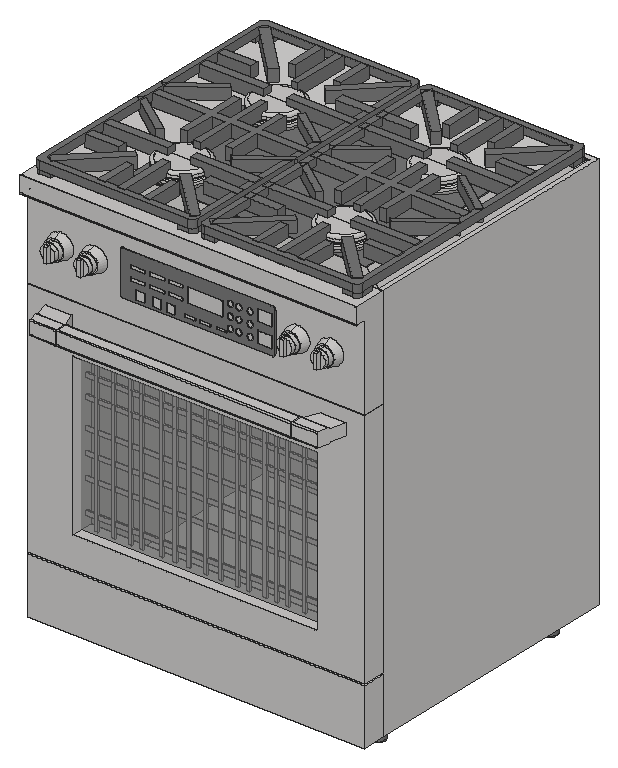
Revit family "HDPR30S_Revit", category Specialty Equipment, Revit 2014
Parameters (values of type "HDPR30S")
  Width = 29 7/8"
  VOLTS (V) = "240 V"
  Unit = Stainless Steel
  TYPE OF GRATE = "CONTINUOUS CAST IRON"
  TOTAL NUMBER OF COOKTOP BURNERS = "6 DUAL STACK BRASS BURNERS"
  TIME OF DAY (12 HR/24 HR) = "YES"
  TEMPERATURE PROBE = "YES"
  TEMPERATURE (F/C) = "YES"
  Support = Glass
  SOUND ON/OFF = "YES"
  SEALED BURNERS = "YES"
  SABBATH = "YES"
  RIGHT REAR (BTU) = "15,000 STACK DUAL (SIMMER)"
  RIGHT FRONT (BTU) = "15,000 STACK DUAL (SIMMER)"
  RACK POSITIONS = "6"
  PROOF = "YES"
  PERMA-FLAME™ (AUTO RE-IGNITION) = "YES"
  OVEN CAPACITY (CUBIC FEET) = "5.2 CU FT."
  NUMBER OF KNOBS = "6 KNOBS"
  Model = "HDPR30S"
  Manufacturer = "Dacor"
  LIGHTING = "LED & HALOGEN"
  LEFT REAR (BTU) = "15,000 STACK DUAL (SIMMER)"
  LEFT FRONT (BTU) = "18,000 DUAL (SIMMER/SEAR)"
  LED (WHITE) = "YES"
  KITCHEN TIMER = "YES 2"
  KEEP WARM = "YES"
  ILLUMINA™ BURNER KNOBS = "YES"
  Height = 37 1/2"
  Handle = Stainless Steel
  HIGHLIGHTING COLOR = "WHITE"
  Glide = Plastic-Black
  Gas Burner = Stainless Steel
  GAS TYPES = "NATURAL GAS NATURAL GAS (HIGH ALTITUDE) LIQUID PROPANE LIQUID PROPANE (HIGH ALTITUDE)"
  FREQUENCY (HZ) = "60 HZ"
  ENERGY SOURCE = "GAS AND ELECTRICAL"
  Door = Stainless Steel
  Description = "30-INCH PRO DUAL-FUEL RANGE HERITAGE COLLECTION"
  Depth = 24"
  DELAY START = "YES"
  DEHYDRATE = "YES"
  COOKING MODES = "PURE CONVECTION™ CONVECTION BAKE CONVECTION BROIL CONVECTION ROAST BAKE BROIL"
  CONVECTION ELEMENT = "2,200W - 2 PASS"
  CONTROL METHOD = "LED GLASS TOUCH CONT"
  CLOCK = "YES"
  CLEANING TYPE = "SELF CLEAN GREENCLEAN™"
  CIRCUIT BREAKER (A) = "40 AMP"
  CHILD LOCK = "YES"
  CAVITY = "BLACK ENAMEL COATING"
  Burner = Plastic-Black
  BROIL ELEMENT = "3,500W - 8 PASS"
  BAKE ELEMENT = "3,000W - 8 PASS"
  Adjustment = Stainless Steel
Reference planes (in)
  plane 1 "Center (Front/Back)": y = 0
  plane 2: z = 0
  plane 3 "Center (Left/Right)": x = 0
  plane 4: y = 12
  plane 5: y = -12
  plane 6: x = -14.9375
  plane 7: x = 14.9375
  plane 8: z = 37.5
  plane 9: y = -14
  plane 10: z = 2
  plane 11: y = -14.875
  plane 12: y = -16.5
  plane 13: z = 38.5625
  plane 14: z = 36
Forms (in)
  Extrusion 1, solid, material "Stainless Steel" <- "Unit"
    sketch origin (0, 0, 0) x (1, 0, 0) y (0, 0, 1)
      loop
        line (-14.9375, 37.5) -> (-14.9375, 2) -> (14.9375, 2) -> (14.9375, 37.5) -> (14.60652, 37.5) -> (14.60652, 2.38848) -> (-14.39348, 2.38848) -> (-14.39348, 37.5) -> (-14.9375, 37.5)
    from -12 to 12
  Extrusion 2, solid, material "Stainless Steel" <- "Door"
    sketch origin (0, 0, 0) x (0, 1, 0) y (0, 0, 1)
      loop
        line (-12, 37.5) -> (-14.84447, 37.5)
        arc (-14.84447, 37.5) -> (-14.86606, 37.49106) -> (-14.875, 37.46947) r 0.03053
        line (-14.875, 37.46947) -> (-14.875, 36.03125)
        arc (-14.875, 36.03125) -> (-14.86585, 36.00915) -> (-14.84375, 36) r 0.03125
        line (-14.84375, 36) -> (-14.03125, 36)
        arc (-14.03125, 36) -> (-14.00915, 35.99085) -> (-14, 35.96875) r 0.03125
        line (-14, 35.96875) -> (-14, 28.5) -> (-12, 28.5) -> (-12, 37.5)
      loop
        line (-14, 1.96852) -> (-12, 1.96852) -> (-12, 6.96852) -> (-14, 6.96852) -> (-14, 1.96852)
    from -14.9375 to 14.9375
  Extrusion 3, solid, material "Glass" <- "Support"
    sketch origin (0, -14, 0) x (1, 0, 0) y (0, 0, 1)
      loop
        line (-10.98004, 24.12749) -> (-10.98004, 9.87749) -> (10.76996, 9.87749) -> (10.76996, 24.12749) -> (-10.98004, 24.12749)
    from -2 to -0.8824
  Revolve 4, solid, material "Plastic-Black" <- "Glide"
    sketch origin (12.625, 0, 0) x (0, 1, 0) y (0, 0, 1)
      loop
        line (-10.25, 2) -> (-10.25, 0.75) -> (-10.14613, 0.64613) -> (-10.14613, 0.08461) -> (-10.09729, 0) -> (-9.53479, 0) -> (-9.53479, 2) -> (-10.25, 2)
      axis (-9.53479, 0) -> (-9.53479, 2)
    angle from 0 to 360
  Revolve 5, solid, material "Plastic-Black" <- "Glide"
    sketch origin (-12.625, 0, 0) x (0, 1, 0) y (0, 0, -1)
      loop
        line (-10.25, -2) -> (-9.53479, -2) -> (-9.53479, 0) -> (-10.09729, 0) -> (-10.14613, -0.08461) -> (-10.14613, -0.64613) -> (-10.25, -0.75) -> (-10.25, -2)
      axis (-9.53479, 0) -> (-9.53479, -2)
    angle from 0 to 360
  Revolve 6, solid, material "Plastic-Black" <- "Glide"
    sketch origin (12.625, 0, 0) x (0, -1, 0) y (0, 0, -1)
      loop
        line (-10.25, -2) -> (-9.53479, -2) -> (-9.53479, 0) -> (-10.09729, 0) -> (-10.14613, -0.08461) -> (-10.14613, -0.64613) -> (-10.25, -0.75) -> (-10.25, -2)
      axis (-9.53479, 0) -> (-9.53479, -2)
    angle from 0 to 360
  Revolve 7, solid, material "Plastic-Black" <- "Glide"
    sketch origin (-12.625, 0, 0) x (0, -1, 0) y (0, 0, 1)
      loop
        line (-10.25, 2) -> (-10.25, 0.75) -> (-10.14613, 0.64613) -> (-10.14613, 0.08461) -> (-10.09729, 0) -> (-9.53479, 0) -> (-9.53479, 2) -> (-10.25, 2)
      axis (-9.53479, 0) -> (-9.53479, 2)
    angle from 0 to 360
  Extrusion 8, solid, material "Stainless Steel" <- "Handle"
    sketch origin (-0.25, 0, 0) x (0, 1, 0) y (0, 0, 1)
      loop
        line (-15.545, 27.42187) -> (-16.42433, 27.42187)
        arc (-16.42433, 27.42187) -> (-16.47784, 27.39971) -> (-16.5, 27.34621) r 0.07567
        line (-16.5, 27.34621) -> (-16.5, 26.24876)
        arc (-16.5, 26.24876) -> (-16.47748, 26.1944) -> (-16.42311, 26.17187) r 0.07689
        line (-16.42311, 26.17187) -> (-15.53587, 26.17187)
        arc (-15.53587, 26.17187) -> (-15.50273, 26.17847) -> (-15.47463, 26.19724) r 0.08661
        line (-15.47463, 26.19724) -> (-15.42082, 26.25105)
        arc (-15.42082, 26.25105) -> (-15.40268, 26.26318) -> (-15.38128, 26.26743) r 0.05592
        line (-15.38128, 26.26743) -> (-14, 26.26743) -> (-14, 27.32305) -> (-15.37547, 27.32305)
        arc (-15.37547, 27.32305) -> (-15.39922, 27.32777) -> (-15.41935, 27.34123) r 0.06205
        line (-15.41935, 27.34123) -> (-15.46818, 27.39006)
        arc (-15.46818, 27.39006) -> (-15.50343, 27.41361) -> (-15.545, 27.42187) r 0.10864
    from 10.69711 to 13.56403
  Extrusion 9, void
    sketch origin (0, 0, 0) x (1, 0, 0) y (0, 1, 0)
      loop
        line (12.70099, -16.78043) -> (13.53053, -16.78043) -> (13.53053, -14.125) -> (13.31403, -14) -> (12.70099, -16.78043)
      loop
        line (10.24681, -15.86964) -> (11.05875, -13.95682) -> (10.24681, -13.95682) -> (10.24681, -15.86964)
    from 24.73393 to 28.5
  Extrusion 10, solid, material "Stainless Steel" <- "Handle"
    sketch origin (0.25, 0, 0) x (0, 1, 0) y (0, 0, -1)
      loop
        arc (-15.545, -27.42187) -> (-15.50343, -27.41361) -> (-15.46818, -27.39006) r 0.10864
        line (-15.46818, -27.39006) -> (-15.41935, -27.34123)
        arc (-15.41935, -27.34123) -> (-15.39922, -27.32777) -> (-15.37547, -27.32305) r 0.06205
        line (-15.37547, -27.32305) -> (-14, -27.32305) -> (-14, -26.26743) -> (-15.38128, -26.26743)
        arc (-15.38128, -26.26743) -> (-15.40268, -26.26318) -> (-15.42082, -26.25105) r 0.05592
        line (-15.42082, -26.25105) -> (-15.47463, -26.19724)
        arc (-15.47463, -26.19724) -> (-15.50273, -26.17847) -> (-15.53587, -26.17187) r 0.08661
        line (-15.53587, -26.17187) -> (-16.42311, -26.17187)
        arc (-16.42311, -26.17187) -> (-16.47748, -26.1944) -> (-16.5, -26.24876) r 0.07689
        line (-16.5, -26.24876) -> (-16.5, -27.34621)
        arc (-16.5, -27.34621) -> (-16.47784, -27.39971) -> (-16.42433, -27.42187) r 0.07567
        line (-16.42433, -27.42187) -> (-15.545, -27.42187)
    from 10.69711 to 13.56403
  Extrusion 11, void
    sketch origin (0, 0, 0) x (-1, 0, 0) y (0, -1, 0)
      loop
        line (12.70099, 16.78043) -> (13.31403, 14) -> (13.53053, 14.125) -> (13.53053, 16.78043) -> (12.70099, 16.78043)
      loop
        line (10.24681, 15.86964) -> (10.24681, 13.95682) -> (11.05875, 13.95682) -> (10.24681, 15.86964)
    from 24.73393 to 28.5
  Extrusion 12, solid, material "Stainless Steel" <- "Door"
    sketch origin (0, 0, 0) x (1, 0, 0) y (0, 0, 1)
      loop
        line (-14.9375, 28.42187) -> (-14.9375, 7.10914) -> (14.9375, 7.10914) -> (14.9375, 28.42187) -> (-14.9375, 28.42187)
      loop
        line (-10.98004, 24.12749) -> (-10.98004, 9.87749) -> (10.76996, 9.87749) -> (10.76996, 24.12749) -> (-10.98004, 24.12749)
    from 14 to 12
  Extrusion 13, solid, material "Stainless Steel" <- "Handle"
    sketch origin (0, 0, 0) x (0, 1, 0) y (0, 0, 1)
      loop
        line (-15.53529, 27.42185) -> (-16.4254, 27.42185)
        arc (-16.4254, 27.42185) -> (-16.47815, 27.4) -> (-16.5, 27.34725) r 0.0746
        line (-16.5, 27.34725) -> (-16.5, 26.24352)
        arc (-16.5, 26.24352) -> (-16.47902, 26.19288) -> (-16.42838, 26.1719) r 0.07162
        line (-16.42838, 26.1719) -> (-15.53032, 26.1719)
        arc (-15.53032, 26.1719) -> (-15.5023, 26.17747) -> (-15.47855, 26.19334) r 0.07322
        line (-15.47855, 26.19334) -> (-15.42044, 26.25144)
        arc (-15.42044, 26.25144) -> (-15.39975, 26.26442) -> (-15.37547, 26.26711) r 0.05475
        line (-15.37547, 26.26711) -> (-15.1067, 26.44563)
        arc (-15.1067, 26.44563) -> (-14.91091, 26.83314) -> (-15.14353, 27.19973) r 0.43946
        line (-15.14353, 27.19973) -> (-15.37548, 27.32305)
        arc (-15.37548, 27.32305) -> (-15.39899, 27.32755) -> (-15.41892, 27.3408) r 0.06061
        line (-15.41892, 27.3408) -> (-15.47504, 27.3969)
        arc (-15.47504, 27.3969) -> (-15.50268, 27.41536) -> (-15.53529, 27.42185) r 0.08522
    from -10.44711 to 10.44711
  Revolve 14, solid, material "Stainless Steel" <- "Adjustment"
    sketch origin (12, 0, -0.625) x (0, 1, 0) y (0, 0, 1)
      loop
        line (-14, 34.20096) -> (-14.75, 34) -> (-14.75, 33.86263) -> (-15.13851, 33.86263) -> (-15.13851, 33.79538) -> (-15.47236, 33.79538) -> (-15.47236, 33.12798) -> (-14, 33.12798) -> (-14, 34.20096)
      axis (-15.47236, 33.12798) -> (-14, 33.12798)
    angle from 0 to 360
  Extrusion 15, solid, material "Stainless Steel" <- "Adjustment"
    sketch origin (0, 0, -0.625) x (1, 0, 0) y (0, 0, 1)
      loop
        line (11.85979, 33.78048) -> (11.85979, 32.48023) -> (12.16074, 32.48023) -> (12.16074, 33.78048) -> (11.85979, 33.78048)
    from 15.76036 to 15.47236
  Revolve 16, solid, material "Stainless Steel" <- "Adjustment"
    sketch origin (9, 0, -0.625) x (0, 1, 0) y (0, 0, 1)
      loop
        line (-14, 34.20096) -> (-14.75, 34) -> (-14.75, 33.86263) -> (-15.13851, 33.86263) -> (-15.13851, 33.79538) -> (-15.47236, 33.79538) -> (-15.47236, 33.12798) -> (-14, 33.12798) -> (-14, 34.20096)
      axis (-15.47236, 33.12798) -> (-14, 33.12798)
    angle from 0 to 360
  Extrusion 17, solid, material "Stainless Steel" <- "Adjustment"
    sketch origin (-3, 0, -0.625) x (1, 0, 0) y (0, 0, 1)
      loop
        line (11.85979, 33.78048) -> (11.85979, 32.48023) -> (12.16074, 32.48023) -> (12.16074, 33.78048) -> (11.85979, 33.78048)
    from 15.76036 to 15.47236
  Revolve 18, solid, material "Stainless Steel" <- "Adjustment"
    sketch origin (-12, 0, -0.625) x (0, 1, 0) y (0, 0, -1)
      loop
        line (-14, -34.20096) -> (-14, -33.12798) -> (-15.47236, -33.12798) -> (-15.47236, -33.79538) -> (-15.13851, -33.79538) -> (-15.13851, -33.86263) -> (-14.75, -33.86263) -> (-14.75, -34) -> (-14, -34.20096)
      axis (-15.47236, -33.12798) -> (-14, -33.12798)
    angle from 0 to 360
  Extrusion 19, solid, material "Stainless Steel" <- "Adjustment"
    sketch origin (0, 0, -0.625) x (-1, 0, 0) y (0, 0, -1)
      loop
        line (11.85979, -33.78048) -> (12.16074, -33.78048) -> (12.16074, -32.48023) -> (11.85979, -32.48023) -> (11.85979, -33.78048)
    from 15.76036 to 15.47236
  Revolve 20, solid, material "Stainless Steel" <- "Adjustment"
    sketch origin (-9, 0, -0.625) x (0, 1, 0) y (0, 0, -1)
      loop
        line (-14, -34.20096) -> (-14, -33.12798) -> (-15.47236, -33.12798) -> (-15.47236, -33.79538) -> (-15.13851, -33.79538) -> (-15.13851, -33.86263) -> (-14.75, -33.86263) -> (-14.75, -34) -> (-14, -34.20096)
      axis (-15.47236, -33.12798) -> (-14, -33.12798)
    angle from 0 to 360
  Extrusion 21, solid, material "Stainless Steel" <- "Adjustment"
    sketch origin (3, 0, -0.625) x (-1, 0, 0) y (0, 0, -1)
      loop
        line (11.85979, -33.78048) -> (12.16074, -33.78048) -> (12.16074, -32.48023) -> (11.85979, -32.48023) -> (11.85979, -33.78048)
    from 15.76036 to 15.47236
  Extrusion 22, solid, material "Plastic-Black" <- "Glide"
    sketch origin (0, 0, 0) x (1, 0, 0) y (0, 0, 1)
      loop
        arc (-6.4676, 34.31656) -> (-6.64437, 34.24334) -> (-6.7176, 34.06656) r 0.25
        line (-6.7176, 34.06656) -> (-6.7176, 30.56656)
        arc (-6.7176, 30.56656) -> (-6.64437, 30.38979) -> (-6.4676, 30.31656) r 0.25
        line (-6.4676, 30.31656) -> (6.7824, 30.31656)
        arc (6.7824, 30.31656) -> (6.95918, 30.38979) -> (7.0324, 30.56656) r 0.25
        line (7.0324, 30.56656) -> (7.0324, 34.06656)
        arc (7.0324, 34.06656) -> (6.95918, 34.24334) -> (6.7824, 34.31656) r 0.25
        line (6.7824, 34.31656) -> (-6.4676, 34.31656)
      loop
        line (-5.76654, 33.17635) -> (-5.76654, 32.92635) -> (-4.51654, 32.92635) -> (-4.51654, 33.17635) -> (-5.76654, 33.17635)
      loop
        line (-4.10402, 33.17635) -> (-4.10402, 32.92635) -> (-2.81094, 32.92635) -> (-2.81094, 33.17635) -> (-4.10402, 33.17635)
      loop
        line (-2.44427, 33.17635) -> (-2.44427, 32.92635) -> (-1.21277, 32.92635) -> (-1.21277, 33.17635) -> (-2.44427, 33.17635)
      loop
        line (-5.76654, 32.17635) -> (-5.76654, 31.92635) -> (-4.51654, 31.92635) -> (-4.51654, 32.17635) -> (-5.76654, 32.17635)
      loop
        line (-4.10402, 32.17635) -> (-4.10402, 31.92635) -> (-2.81094, 31.92635) -> (-2.81094, 32.17635) -> (-4.10402, 32.17635)
      loop
        line (-2.44427, 32.17635) -> (-2.44427, 31.92635) -> (-1.21277, 31.92635) -> (-1.21277, 32.17635) -> (-2.44427, 32.17635)
      loop
        line (-5.36631, 31.29832) -> (-5.36631, 30.55942) -> (-4.51654, 30.55942) -> (-4.51654, 31.29832) -> (-5.36631, 31.29832)
      loop
        line (-3.86604, 31.29832) -> (-3.86604, 30.55942) -> (-3.09635, 30.55942) -> (-3.09635, 31.29832) -> (-3.86604, 31.29832)
      loop
        line (-2.60375, 31.29832) -> (-2.60375, 30.55942) -> (-1.89564, 30.55942) -> (-1.89564, 31.29832) -> (-2.60375, 31.29832)
      loop
        line (-1.02527, 30.92348) -> (-1.02527, 30.73608) -> (0, 30.73608) -> (0, 30.92348) -> (-1.02527, 30.92348)
      loop
        line (0.32502, 30.92348) -> (0.32502, 30.73608) -> (1.31557, 30.73608) -> (1.31557, 30.92348) -> (0.32502, 30.92348)
      loop
        line (1.85101, 30.92348) -> (1.85101, 30.73608) -> (2.73448, 30.73608) -> (2.73448, 30.92348) -> (1.85101, 30.92348)
      loop
        circle (3.05574, 33.17635) r 0.25
      loop
        circle (3.05574, 32.17635) r 0.25
      loop
        circle (3.05574, 31.17348) r 0.25
      loop
        circle (3.80574, 33.17635) r 0.25
      loop
        circle (3.80574, 32.17635) r 0.25
      loop
        circle (3.80574, 31.17348) r 0.25
      loop
        circle (4.80574, 33.17635) r 0.25
      loop
        circle (4.80574, 32.17635) r 0.25
      loop
        circle (4.80574, 31.17348) r 0.25
      loop
        line (5.51874, 33.6542) -> (5.51874, 32.6542) -> (6.76874, 32.6542) -> (6.76874, 33.6542) -> (5.51874, 33.6542)
      loop
        line (5.51874, 31.92635) -> (5.51874, 30.92348) -> (6.76874, 30.92348) -> (6.76874, 31.92635) -> (5.51874, 31.92635)
      loop
        line (-0.70418, 33.17635) -> (-0.70418, 31.92635) -> (2.37419, 31.92635) -> (2.37419, 33.17635) -> (-0.70418, 33.17635)
    from 14.02195 to 14
  Extrusion 23, solid, material "Stainless Steel" <- "Unit"
    sketch origin (0, -14, 0) x (-1, 0, 0) y (0, 0, 1)
      loop
        line (5.76654, 33.17635) -> (4.51654, 33.17635) -> (4.51654, 32.92635) -> (5.76654, 32.92635) -> (5.76654, 33.17635)
      loop
        line (4.10402, 33.17635) -> (2.81094, 33.17635) -> (2.81094, 32.92635) -> (4.10402, 32.92635) -> (4.10402, 33.17635)
      loop
        line (2.44427, 33.17635) -> (1.21277, 33.17635) -> (1.21277, 32.92635) -> (2.44427, 32.92635) -> (2.44427, 33.17635)
      loop
        line (5.76654, 32.17635) -> (4.51654, 32.17635) -> (4.51654, 31.92635) -> (5.76654, 31.92635) -> (5.76654, 32.17635)
      loop
        line (4.10402, 32.17635) -> (2.81094, 32.17635) -> (2.81094, 31.92635) -> (4.10402, 31.92635) -> (4.10402, 32.17635)
      loop
        line (2.44427, 32.17635) -> (1.21277, 32.17635) -> (1.21277, 31.92635) -> (2.44427, 31.92635) -> (2.44427, 32.17635)
      loop
        line (0.70418, 33.17635) -> (-2.37419, 33.17635) -> (-2.37419, 31.92635) -> (0.70418, 31.92635) -> (0.70418, 33.17635)
      loop
        line (5.36631, 31.29832) -> (4.51654, 31.29832) -> (4.51654, 30.55942) -> (5.36631, 30.55942) -> (5.36631, 31.29832)
      loop
        line (3.09635, 31.29832) -> (3.09635, 30.55942) -> (3.86604, 30.55942) -> (3.86604, 31.29832) -> (3.09635, 31.29832)
      loop
        line (2.60375, 31.29832) -> (1.89564, 31.29832) -> (1.89564, 30.55942) -> (2.60375, 30.55942) -> (2.60375, 31.29832)
      loop
        line (1.02527, 30.92348) -> (0, 30.92348) -> (0, 30.73608) -> (1.02527, 30.73608) -> (1.02527, 30.92348)
      loop
        line (-0.32502, 30.92348) -> (-1.31557, 30.92348) -> (-1.31557, 30.73608) -> (-0.32502, 30.73608) -> (-0.32502, 30.92348)
      loop
        line (-1.85101, 30.92348) -> (-2.73448, 30.92348) -> (-2.73448, 30.73608) -> (-1.85101, 30.73608) -> (-1.85101, 30.92348)
      loop
        circle (-3.05574, 31.17348) r 0.25
      loop
        circle (-3.05574, 32.17635) r 0.25
      loop
        circle (-3.05574, 33.17635) r 0.25
      loop
        circle (-3.80574, 33.17635) r 0.25
      loop
        circle (-4.80574, 33.17635) r 0.25
      loop
        circle (-3.80574, 32.17635) r 0.25
      loop
        circle (-4.80574, 32.17635) r 0.25
      loop
        circle (-3.80574, 31.17348) r 0.25
      loop
        circle (-4.80574, 31.17348) r 0.25
      loop
        line (-5.51874, 33.6542) -> (-6.76874, 33.6542) -> (-6.76874, 32.6542) -> (-5.51874, 32.6542) -> (-5.51874, 33.6542)
      loop
        line (-5.51874, 31.92635) -> (-6.76874, 31.92635) -> (-6.76874, 30.92348) -> (-5.51874, 30.92348) -> (-5.51874, 31.92635)
    from 0 to -0.02195
  Extrusion 24, solid, material "Stainless Steel" <- "Unit"
    sketch origin (0, 12, 0) x (-1, 0, 0) y (0, 0, 1)
      loop
        line (14.39348, 2.38848) -> (14.39348, 37.5) -> (-14.60652, 37.5) -> (-14.60652, 2.38848) -> (14.39348, 2.38848)
    from 0 to -0.60405
  Blend 25, solid, material "Stainless Steel" <- "Unit"
    base sketch origin (-14.9375, 0, 37.5) x (1, 0, 0) y (0, 1, 0)
      loop
        line (0.54402, -12) -> (29.54402, -12) -> (29.54402, 11.39595) -> (0.54402, 11.39595) -> (0.54402, -12)
    top sketch origin (-14.9375, 0, 37.5) x (1, 0, 0) y (0, 1, 0)
      loop
        line (3.59462, 7.80878) -> (3.59462, -9.19122) -> (26.59462, -9.19122) -> (26.59462, 7.80878) -> (3.59462, 7.80878)
    from 0 to -1.15037
  Blend 26, void
    base sketch origin (-14.9375, 0, 0) x (1, 0, 0) y (0, 1, 0)
      loop
        line (0.54402, -12) -> (29.54402, -12) -> (29.54402, 11.39595) -> (0.54402, 11.39595) -> (0.54402, -12)
    top sketch origin (-14.9375, 0, 0) x (1, 0, 0) y (0, 1, 0)
      loop
        line (4.59462, 7.06965) -> (4.59462, -8.45209) -> (25.59462, -8.45209) -> (25.59462, 7.06965) -> (4.59462, 7.06965)
    from 37.5 to 36.34963
  Extrusion 27, solid, material "Plastic-Black" <- "Burner"
    sketch origin (-14.9375, 0, 36.34963) x (0, 1, 0) y (1, 0, 0)
      loop
        line (7.06965, 25.59462) -> (-8.45209, 25.59462) -> (-8.45209, 4.59462) -> (7.06965, 4.59462) -> (7.06965, 25.59462)
    from 0 to 0.58019
  Revolve 28, solid, material "Stainless Steel" <- "Gas Burner"
    sketch origin (-0.875, -6.625, 0) x (1, 0, 0) y (0, 0, 1)
      loop
        line (-6.25, 35.76944) -> (-6.25, 38.03125) -> (-8.25, 38.03125)
        arc (-8.25, 38.03125) -> (-8.42678, 37.95803) -> (-8.5, 37.78125) r 0.25
        line (-8.5, 37.78125) -> (-8.5, 37.53125) -> (-8.37023, 37.40148)
        arc (-8.37023, 37.40148) -> (-8.35076, 37.35447) -> (-8.37023, 37.30747) r 0.06647
        line (-8.37023, 37.30747) -> (-8.5, 37.1777) -> (-8.5, 36.94183)
        arc (-8.5, 36.94183) -> (-8.44834, 36.78964) -> (-8.3147, 36.70035) r 0.25
        line (-8.3147, 36.70035) -> (-7.77556, 36.55589) -> (-7.3215, 35.76944) -> (-6.25, 35.76944)
      axis (-6.25, 35.76944) -> (-6.25, 38.03125)
    angle from 0 to 360
  Extrusion 29, solid, material "Plastic-Black" <- "Burner"
    sketch origin (0, 0, 0) x (1, 0, 0) y (0, 1, 0)
      loop
        arc (-13.89348, 11.39595) -> (-14.24703, 11.2495) -> (-14.39348, 10.89595) r 0.5
        line (-14.39348, 10.89595) -> (-14.39348, -13.5)
        arc (-14.39348, -13.5) -> (-14.24703, -13.85355) -> (-13.89348, -14) r 0.5
        line (-13.89348, -14) -> (-0.75, -14)
        arc (-0.75, -14) -> (-0.39645, -13.85355) -> (-0.25, -13.5) r 0.5
        line (-0.25, -13.5) -> (-0.25, 10.89595)
        arc (-0.25, 10.89595) -> (-0.39645, 11.2495) -> (-0.75, 11.39595) r 0.5
        line (-0.75, 11.39595) -> (-13.89348, 11.39595)
      loop
        arc (-13.37384, 10.84094) -> (-13.72739, 10.69449) -> (-13.87384, 10.34094) r 0.5
        line (-13.87384, 10.34094) -> (-13.87384, -12.90906)
        arc (-13.87384, -12.90906) -> (-13.72739, -13.26262) -> (-13.37384, -13.40906) r 0.5
        line (-13.37384, -13.40906) -> (-1.24884, -13.40906)
        arc (-1.24884, -13.40906) -> (-0.89528, -13.26262) -> (-0.74884, -12.90906) r 0.5
        line (-0.74884, -12.90906) -> (-0.74884, 10.34094)
        arc (-0.74884, 10.34094) -> (-0.89528, 10.69449) -> (-1.24884, 10.84094) r 0.5
        line (-1.24884, 10.84094) -> (-13.37384, 10.84094)
      loop
        line (13.89348, 11.39595) -> (0.75, 11.39595)
        arc (0.75, 11.39595) -> (0.39645, 11.2495) -> (0.25, 10.89595) r 0.5
        line (0.25, 10.89595) -> (0.25, -13.5)
        arc (0.25, -13.5) -> (0.39645, -13.85355) -> (0.75, -14) r 0.5
        line (0.75, -14) -> (13.89348, -14)
        arc (13.89348, -14) -> (14.24703, -13.85355) -> (14.39348, -13.5) r 0.5
        line (14.39348, -13.5) -> (14.39348, 10.89595)
        arc (14.39348, 10.89595) -> (14.24703, 11.2495) -> (13.89348, 11.39595) r 0.5
      loop
        line (13.37384, 10.84094) -> (1.24884, 10.84094)
        arc (1.24884, 10.84094) -> (0.89528, 10.69449) -> (0.74884, 10.34094) r 0.5
        line (0.74884, 10.34094) -> (0.74884, -12.90906)
        arc (0.74884, -12.90906) -> (0.89528, -13.26262) -> (1.24884, -13.40906) r 0.5
        line (1.24884, -13.40906) -> (13.37384, -13.40906)
        arc (13.37384, -13.40906) -> (13.72739, -13.26262) -> (13.87384, -12.90906) r 0.5
        line (13.87384, -12.90906) -> (13.87384, 10.34094)
        arc (13.87384, 10.34094) -> (13.72739, 10.69449) -> (13.37384, 10.84094) r 0.5
    from 38.5625 to 37.89555
  Revolve 30, solid, material "Stainless Steel" <- "Gas Burner"
    sketch origin (-0.875, 3.875, 0) x (1, 0, 0) y (0, 0, -1)
      loop
        line (-6.25, -35.76944) -> (-7.3215, -35.76944) -> (-7.77556, -36.55589) -> (-8.3147, -36.70035)
        arc (-8.3147, -36.70035) -> (-8.44834, -36.78964) -> (-8.5, -36.94183) r 0.25
        line (-8.5, -36.94183) -> (-8.5, -37.1777) -> (-8.37023, -37.30747)
        arc (-8.37023, -37.30747) -> (-8.35076, -37.35447) -> (-8.37023, -37.40148) r 0.06647
        line (-8.37023, -37.40148) -> (-8.5, -37.53125) -> (-8.5, -37.78125)
        arc (-8.5, -37.78125) -> (-8.42678, -37.95803) -> (-8.25, -38.03125) r 0.25
        line (-8.25, -38.03125) -> (-6.25, -38.03125) -> (-6.25, -35.76944)
      axis (-6.25, -35.76944) -> (-6.25, -38.03125)
    angle from 0 to 360
  Revolve 31, solid, material "Stainless Steel" <- "Gas Burner"
    sketch origin (1, -6.625, 0) x (-1, 0, 0) y (0, 0, -1)
      loop
        line (-6.25, -35.76944) -> (-7.3215, -35.76944) -> (-7.77556, -36.55589) -> (-8.3147, -36.70035)
        arc (-8.3147, -36.70035) -> (-8.44834, -36.78964) -> (-8.5, -36.94183) r 0.25
        line (-8.5, -36.94183) -> (-8.5, -37.1777) -> (-8.37023, -37.30747)
        arc (-8.37023, -37.30747) -> (-8.35076, -37.35447) -> (-8.37023, -37.40148) r 0.06647
        line (-8.37023, -37.40148) -> (-8.5, -37.53125) -> (-8.5, -37.78125)
        arc (-8.5, -37.78125) -> (-8.42678, -37.95803) -> (-8.25, -38.03125) r 0.25
        line (-8.25, -38.03125) -> (-6.25, -38.03125) -> (-6.25, -35.76944)
      axis (-6.25, -35.76944) -> (-6.25, -38.03125)
    angle from 0 to 360
  Revolve 32, solid, material "Stainless Steel" <- "Gas Burner"
    sketch origin (1, 3.875, 0) x (-1, 0, 0) y (0, 0, 1)
      loop
        line (-6.25, 35.76944) -> (-6.25, 38.03125) -> (-8.25, 38.03125)
        arc (-8.25, 38.03125) -> (-8.42678, 37.95803) -> (-8.5, 37.78125) r 0.25
        line (-8.5, 37.78125) -> (-8.5, 37.53125) -> (-8.37023, 37.40148)
        arc (-8.37023, 37.40148) -> (-8.35076, 37.35447) -> (-8.37023, 37.30747) r 0.06647
        line (-8.37023, 37.30747) -> (-8.5, 37.1777) -> (-8.5, 36.94183)
        arc (-8.5, 36.94183) -> (-8.44834, 36.78964) -> (-8.3147, 36.70035) r 0.25
        line (-8.3147, 36.70035) -> (-7.77556, 36.55589) -> (-7.3215, 35.76944) -> (-6.25, 35.76944)
      axis (-6.25, 35.76944) -> (-6.25, 38.03125)
    angle from 0 to 360
  Extrusion 33, solid, material "Plastic-Black" <- "Burner"
    sketch origin (0, 0, 0) x (1, 0, 0) y (0, 1, 0)
      loop
        arc (-13.89348, 11.39595) -> (-14.24703, 11.2495) -> (-14.39348, 10.89595) r 0.5
        line (-14.39348, 10.89595) -> (-14.39348, 9.92792) -> (-13.87384, 9.92792) -> (-13.87384, 10.34094)
        arc (-13.87384, 10.34094) -> (-13.72739, 10.69449) -> (-13.37384, 10.84094) r 0.5
        line (-13.37384, 10.84094) -> (-12.98692, 10.84094) -> (-12.98692, 11.39595) -> (-13.89348, 11.39595)
      loop
        line (-13.89348, -13.95845) -> (-12.98692, -13.95845) -> (-12.98692, -13.40344) -> (-13.37384, -13.40344)
        arc (-13.37384, -13.40344) -> (-13.72739, -13.25699) -> (-13.87384, -12.90344) r 0.5
        line (-13.87384, -12.90344) -> (-13.87384, -12.49042) -> (-14.39348, -12.49042) -> (-14.39348, -13.45845)
        arc (-14.39348, -13.45845) -> (-14.24703, -13.812) -> (-13.89348, -13.95845) r 0.5
      loop
        line (-0.72919, 11.39595) -> (-1.63575, 11.39595) -> (-1.63575, 10.84094) -> (-1.24884, 10.84094)
        arc (-1.24884, 10.84094) -> (-0.89528, 10.69449) -> (-0.74884, 10.34094) r 0.5
        line (-0.74884, 10.34094) -> (-0.74884, 9.92792) -> (-0.22919, 9.92792) -> (-0.22919, 10.89595)
        arc (-0.22919, 10.89595) -> (-0.37564, 11.2495) -> (-0.72919, 11.39595) r 0.5
      loop
        arc (-0.72919, -13.95845) -> (-0.37564, -13.812) -> (-0.22919, -13.45845) r 0.5
        line (-0.22919, -13.45845) -> (-0.22919, -12.49042) -> (-0.74884, -12.49042) -> (-0.74884, -12.90344)
        arc (-0.74884, -12.90344) -> (-0.89528, -13.25699) -> (-1.24884, -13.40344) r 0.5
        line (-1.24884, -13.40344) -> (-1.63575, -13.40344) -> (-1.63575, -13.95845) -> (-0.72919, -13.95845)
      loop
        line (13.89348, 11.39595) -> (12.98692, 11.39595) -> (12.98692, 10.84094) -> (13.37384, 10.84094)
        arc (13.37384, 10.84094) -> (13.72739, 10.69449) -> (13.87384, 10.34094) r 0.5
        line (13.87384, 10.34094) -> (13.87384, 9.92792) -> (14.39348, 9.92792) -> (14.39348, 10.89595)
        arc (14.39348, 10.89595) -> (14.24703, 11.2495) -> (13.89348, 11.39595) r 0.5
      loop
        arc (13.89348, -13.95845) -> (14.24703, -13.812) -> (14.39348, -13.45845) r 0.5
        line (14.39348, -13.45845) -> (14.39348, -12.49042) -> (13.87384, -12.49042) -> (13.87384, -12.90344)
        arc (13.87384, -12.90344) -> (13.72739, -13.25699) -> (13.37384, -13.40344) r 0.5
        line (13.37384, -13.40344) -> (12.98692, -13.40344) -> (12.98692, -13.95845) -> (13.89348, -13.95845)
      loop
        arc (0.72919, 11.39595) -> (0.37564, 11.2495) -> (0.22919, 10.89595) r 0.5
        line (0.22919, 10.89595) -> (0.22919, 9.92792) -> (0.74884, 9.92792) -> (0.74884, 10.34094)
        arc (0.74884, 10.34094) -> (0.89528, 10.69449) -> (1.24884, 10.84094) r 0.5
        line (1.24884, 10.84094) -> (1.63575, 10.84094) -> (1.63575, 11.39595) -> (0.72919, 11.39595)
      loop
        line (0.72919, -13.95845) -> (1.63575, -13.95845) -> (1.63575, -13.40344) -> (1.24884, -13.40344)
        arc (1.24884, -13.40344) -> (0.89528, -13.25699) -> (0.74884, -12.90344) r 0.5
        line (0.74884, -12.90344) -> (0.74884, -12.49042) -> (0.22919, -12.49042) -> (0.22919, -13.45845)
        arc (0.22919, -13.45845) -> (0.37564, -13.812) -> (0.72919, -13.95845) r 0.5
    from 37.89555 to 37.5
  Extrusion 34, solid, material "Plastic-Black" <- "Burner"
    sketch origin (0, 0, 0) x (1, 0, 0) y (0, 1, 0)
      loop
        line (-9.13813, 10.84094) -> (-9.13813, 7.69465) -> (-8.54549, 7.69465) -> (-8.54549, 10.84094) -> (-9.13813, 10.84094)
      loop
        line (-7.38813, 10.84094) -> (-7.38813, 5.81965) -> (-6.79549, 5.81965) -> (-6.79549, 10.84094) -> (-7.38813, 10.84094)
      loop
        line (-5.13813, 10.84094) -> (-5.13813, 7.69465) -> (-4.54549, 7.69465) -> (-4.54549, 10.84094) -> (-5.13813, 10.84094)
      loop
        line (-13.34351, 10.8106) -> (-13.87384, 10.28027) -> (-9.66846, 6.07489) -> (-9.13813, 6.60522) -> (-13.34351, 10.8106)
      loop
        line (-0.96511, 10.9356) -> (-5.17049, 6.73022) -> (-4.64016, 6.19989) -> (-0.43478, 10.40527) -> (-0.96511, 10.9356)
      loop
        line (-13.87384, 4.42472) -> (-13.87384, 3.65771) -> (-8.12627, 3.65771) -> (-8.12627, 4.42472) -> (-13.87384, 4.42472)
      loop
        line (-0.34215, 4.42472) -> (-6.08971, 4.42472) -> (-6.08971, 3.65771) -> (-0.34215, 3.65771) -> (-0.34215, 4.42472)
      loop
        line (-13.87384, 6.41742) -> (-13.87384, 5.66742) -> (-10.87384, 5.66742) -> (-10.87384, 6.41742) -> (-13.87384, 6.41742)
      loop
        line (-0.30978, 6.41742) -> (-3.30978, 6.41742) -> (-3.30978, 5.66742) -> (-0.30978, 5.66742) -> (-0.30978, 6.41742)
      loop
        line (-13.87384, -0.88568) -> (-13.87384, -1.63544) -> (-9.13813, -1.63544) -> (-9.13813, -4.24183) -> (-8.54549, -4.24183) -> (-8.54549, -1.63544) -> (-7.38813, -1.63544) -> (-7.38813, -4.99183) -> (-6.79549, -4.99183) -> (-6.79549, -1.63544) -> (-5.13813, -1.63544) -> (-5.13813, -4.24183) -> (-4.54549, -4.24183) -> (-4.54549, -1.63544) -> (-0.27965, -1.63544) -> (-0.27965, -0.88568) -> (-4.54549, -0.88568) -> (-4.54549, 1.63778) -> (-5.13813, 1.63778) -> (-5.13813, -0.88568) -> (-6.79549, -0.88568) -> (-6.79549, 2.38778) -> (-7.38813, 2.38778) -> (-7.38813, -0.88568) -> (-8.54549, -0.88568) -> (-8.54549, 1.63778) -> (-9.13813, 1.63778) -> (-9.13813, -0.88568) -> (-13.87384, -0.88568)
      loop
        line (-13.91878, -0.35355) -> (-10.07595, 2.43843) -> (-10.4295, 2.79198) -> (-14.27233, 0) -> (-13.91878, -0.35355)
      loop
        line (-0.75854, 0.00514) -> (-0.40499, 0.35869) -> (-3.75412, 2.79198) -> (-4.10767, 2.43843) -> (-0.75854, 0.00514)
      loop
        line (-9.13813, -13.44499) -> (-8.54549, -13.44499) -> (-8.54549, -10.2987) -> (-9.13813, -10.2987) -> (-9.13813, -13.44499)
      loop
        line (-7.38813, -13.44499) -> (-6.79549, -13.44499) -> (-6.79549, -8.4237) -> (-7.38813, -8.4237) -> (-7.38813, -13.44499)
      loop
        line (-5.13813, -13.44499) -> (-4.54549, -13.44499) -> (-4.54549, -10.2987) -> (-5.13813, -10.2987) -> (-5.13813, -13.44499)
      loop
        line (-13.34351, -13.41466) -> (-9.13813, -9.20928) -> (-9.66846, -8.67895) -> (-13.87384, -12.88433) -> (-13.34351, -13.41466)
      loop
        line (-0.96511, -13.53966) -> (-0.43478, -13.00933) -> (-4.64016, -8.80395) -> (-5.17049, -9.33428) -> (-0.96511, -13.53966)
      loop
        line (-13.87384, -7.02877) -> (-8.12627, -7.02877) -> (-8.12627, -6.26176) -> (-13.87384, -6.26176) -> (-13.87384, -7.02877)
      loop
        line (-0.34215, -7.02877) -> (-0.34215, -6.26176) -> (-6.08971, -6.26176) -> (-6.08971, -7.02877) -> (-0.34215, -7.02877)
      loop
        line (-13.87384, -9.02147) -> (-10.87384, -9.02147) -> (-10.87384, -8.27147) -> (-13.87384, -8.27147) -> (-13.87384, -9.02147)
      loop
        line (-0.30978, -9.02147) -> (-0.30978, -8.27147) -> (-3.30978, -8.27147) -> (-3.30978, -9.02147) -> (-0.30978, -9.02147)
      loop
        line (-13.91878, -2.2505) -> (-14.27233, -2.60405) -> (-10.4295, -5.39603) -> (-10.07595, -5.04248) -> (-13.91878, -2.2505)
      loop
        line (-0.44584, -2.382) -> (-4.10767, -5.04248) -> (-3.75412, -5.39603) -> (-0.09229, -2.73555) -> (-0.44584, -2.382)
      loop
        line (9.13813, 10.84094) -> (8.54549, 10.84094) -> (8.54549, 7.69465) -> (9.13813, 7.69465) -> (9.13813, 10.84094)
      loop
        line (7.38813, 10.84094) -> (6.79549, 10.84094) -> (6.79549, 5.81965) -> (7.38813, 5.81965) -> (7.38813, 10.84094)
      loop
        line (5.13813, 10.84094) -> (4.54549, 10.84094) -> (4.54549, 7.69465) -> (5.13813, 7.69465) -> (5.13813, 10.84094)
      loop
        line (13.34351, 10.8106) -> (9.13813, 6.60522) -> (9.66846, 6.07489) -> (13.87384, 10.28027) -> (13.34351, 10.8106)
      loop
        line (0.96511, 10.9356) -> (0.43478, 10.40527) -> (4.64016, 6.19989) -> (5.17049, 6.73022) -> (0.96511, 10.9356)
      loop
        line (13.87384, 4.42472) -> (8.12627, 4.42472) -> (8.12627, 3.65771) -> (13.87384, 3.65771) -> (13.87384, 4.42472)
      loop
        line (0.34215, 4.42472) -> (0.34215, 3.65771) -> (6.08971, 3.65771) -> (6.08971, 4.42472) -> (0.34215, 4.42472)
      loop
        line (13.87384, 6.41742) -> (10.87384, 6.41742) -> (10.87384, 5.66742) -> (13.87384, 5.66742) -> (13.87384, 6.41742)
      loop
        line (0.30978, 6.41742) -> (0.30978, 5.66742) -> (3.30978, 5.66742) -> (3.30978, 6.41742) -> (0.30978, 6.41742)
      loop
        line (13.87384, -0.88568) -> (9.13813, -0.88568) -> (9.13813, 1.63778) -> (8.54549, 1.63778) -> (8.54549, -0.88568) -> (7.38813, -0.88568) -> (7.38813, 2.38778) -> (6.79549, 2.38778) -> (6.79549, -0.88568) -> (5.13813, -0.88568) -> (5.13813, 1.63778) -> (4.54549, 1.63778) -> (4.54549, -0.88568) -> (0.27965, -0.88568) -> (0.27965, -1.63544) -> (4.54549, -1.63544) -> (4.54549, -4.24183) -> (5.13813, -4.24183) -> (5.13813, -1.63544) -> (6.79549, -1.63544) -> (6.79549, -4.99183) -> (7.38813, -4.99183) -> (7.38813, -1.63544) -> (8.54549, -1.63544) -> (8.54549, -4.24183) -> (9.13813, -4.24183) -> (9.13813, -1.63544) -> (13.87384, -1.63544) -> (13.87384, -0.88568)
      loop
        line (13.91878, -0.35355) -> (14.27233, 0) -> (10.4295, 2.79198) -> (10.07595, 2.43843) -> (13.91878, -0.35355)
      loop
        line (0.72611, -0.01842) -> (4.10767, 2.43843) -> (3.75412, 2.79198) -> (0.37256, 0.33513) -> (0.72611, -0.01842)
      loop
        line (9.13813, -13.44499) -> (9.13813, -10.2987) -> (8.54549, -10.2987) -> (8.54549, -13.44499) -> (9.13813, -13.44499)
      loop
        line (7.38813, -13.44499) -> (7.38813, -8.4237) -> (6.79549, -8.4237) -> (6.79549, -13.44499) -> (7.38813, -13.44499)
      loop
        line (5.13813, -13.44499) -> (5.13813, -10.2987) -> (4.54549, -10.2987) -> (4.54549, -13.44499) -> (5.13813, -13.44499)
      loop
        line (13.34351, -13.41466) -> (13.87384, -12.88433) -> (9.66846, -8.67895) -> (9.13813, -9.20928) -> (13.34351, -13.41466)
      loop
        line (0.96511, -13.53966) -> (5.17049, -9.33428) -> (4.64016, -8.80395) -> (0.43478, -13.00933) -> (0.96511, -13.53966)
      loop
        line (13.87384, -7.02877) -> (13.87384, -6.26176) -> (8.12627, -6.26176) -> (8.12627, -7.02877) -> (13.87384, -7.02877)
      loop
        line (0.34215, -7.02877) -> (6.08971, -7.02877) -> (6.08971, -6.26176) -> (0.34215, -6.26176) -> (0.34215, -7.02877)
      loop
        line (13.87384, -9.02147) -> (13.87384, -8.27147) -> (10.87384, -8.27147) -> (10.87384, -9.02147) -> (13.87384, -9.02147)
      loop
        line (0.30978, -9.02147) -> (3.30978, -9.02147) -> (3.30978, -8.27147) -> (0.30978, -8.27147) -> (0.30978, -9.02147)
      loop
        line (13.91878, -2.2505) -> (10.07595, -5.04248) -> (10.4295, -5.39603) -> (14.27233, -2.60405) -> (13.91878, -2.2505)
      loop
        line (0.70234, -2.56836) -> (0.34878, -2.92191) -> (3.75412, -5.39603) -> (4.10767, -5.04248) -> (0.70234, -2.56836)
    from 37.5 to 38.5625
  Extrusion 35, solid, material "Stainless Steel" <- "Adjustment"
    sketch origin (0, 1.40244, -0.08716) x (1, 0, 0) y (0, 0, 1)
      loop
        line (-10.11738, 24.12749) -> (-10.11738, 9.87749) -> (-9.82443, 9.87749) -> (-9.82443, 24.12749) -> (-10.11738, 24.12749)
      loop
        line (-8.61738, 24.12749) -> (-8.61738, 9.87749) -> (-8.32443, 9.87749) -> (-8.32443, 24.12749) -> (-8.61738, 24.12749)
      loop
        line (-7.11738, 24.12749) -> (-7.11738, 9.87749) -> (-6.82443, 9.87749) -> (-6.82443, 24.12749) -> (-7.11738, 24.12749)
      loop
        line (-6.13257, 24.12749) -> (-6.13257, 9.87749) -> (-5.83962, 9.87749) -> (-5.83962, 24.12749) -> (-6.13257, 24.12749)
      loop
        line (-4.38257, 24.12749) -> (-4.38257, 9.87749) -> (-4.08962, 9.87749) -> (-4.08962, 24.12749) -> (-4.38257, 24.12749)
      loop
        line (-3.15813, 24.12749) -> (-3.15813, 9.87749) -> (-2.86518, 9.87749) -> (-2.86518, 24.12749) -> (-3.15813, 24.12749)
      loop
        line (-1.93368, 24.12749) -> (-1.93368, 9.87749) -> (-1.64073, 9.87749) -> (-1.64073, 24.12749) -> (-1.93368, 24.12749)
      loop
        line (-0.43368, 24.12749) -> (-0.43368, 9.87749) -> (-0.14073, 9.87749) -> (-0.14073, 24.12749) -> (-0.43368, 24.12749)
      loop
        line (10.11738, 24.12749) -> (9.82443, 24.12749) -> (9.82443, 9.87749) -> (10.11738, 9.87749) -> (10.11738, 24.12749)
      loop
        line (8.61738, 24.12749) -> (8.32443, 24.12749) -> (8.32443, 9.87749) -> (8.61738, 9.87749) -> (8.61738, 24.12749)
      loop
        line (7.11738, 24.12749) -> (6.82443, 24.12749) -> (6.82443, 9.87749) -> (7.11738, 9.87749) -> (7.11738, 24.12749)
      loop
        line (6.13257, 24.12749) -> (5.83962, 24.12749) -> (5.83962, 9.87749) -> (6.13257, 9.87749) -> (6.13257, 24.12749)
      loop
        line (5.13257, 24.12749) -> (4.83962, 24.12749) -> (4.83962, 9.87749) -> (5.13257, 9.87749) -> (5.13257, 24.12749)
      loop
        line (3.65813, 24.12749) -> (3.36518, 24.12749) -> (3.36518, 9.87749) -> (3.65813, 9.87749) -> (3.65813, 24.12749)
      loop
        line (2.65813, 24.12749) -> (2.36518, 24.12749) -> (2.36518, 9.87749) -> (2.65813, 9.87749) -> (2.65813, 24.12749)
      loop
        line (1.18368, 24.12749) -> (0.89073, 24.12749) -> (0.89073, 9.87749) -> (1.18368, 9.87749) -> (1.18368, 24.12749)
    from 13.89891 to 14
  Extrusion 36, solid, material "Stainless Steel" <- "Adjustment"
    sketch origin (0, 1.40244, -0.08716) x (1, 0, 0) y (0, 0, 1)
      loop
        line (-10.98004, 22.31591) -> (-10.98004, 21.9338) -> (10.76996, 21.9338) -> (10.76996, 22.31591) -> (-10.98004, 22.31591)
      loop
        line (-10.98004, 20.56591) -> (-10.98004, 20.1838) -> (10.76996, 20.1838) -> (10.76996, 20.56591) -> (-10.98004, 20.56591)
      loop
        line (-10.98004, 18.06591) -> (-10.98004, 17.6838) -> (10.76996, 17.6838) -> (10.76996, 18.06591) -> (-10.98004, 18.06591)
      loop
        line (-10.98004, 16.06591) -> (-10.98004, 15.6838) -> (10.76996, 15.6838) -> (10.76996, 16.06591) -> (-10.98004, 16.06591)
      loop
        line (-10.98004, 14.06591) -> (-10.98004, 13.6838) -> (10.76996, 13.6838) -> (10.76996, 14.06591) -> (-10.98004, 14.06591)
      loop
        line (-10.98004, 11.31591) -> (-10.98004, 10.9338) -> (10.76996, 10.9338) -> (10.76996, 11.31591) -> (-10.98004, 11.31591)
    from 13.89891 to 14
Cuts and joins
  Extrusion 9, Extrusion 11 cuts Extrusion 8
  Extrusion 11 cuts Extrusion 2
  Extrusion 11 cuts Extrusion 10
  joined: Extrusion 1, Extrusion 24
  Blend 26 cuts Blend 25
Dimensions and locks (in)
  equal spacing: plane 6, plane 3 "Center (Left/Right)", plane 7
  "Width": plane 6 to plane 7
  equal spacing: plane 4, plane 1 "Center (Front/Back)", plane 5
  "Depth": plane 4 to plane 5
  "Height": plane 8 to plane 2
  plane 5 to plane 4 = 24"
  plane 9 to plane 4 = 26"
  plane 11 to plane 4 = 26 7/8"
  plane 12 to plane 4 = 28 1/2"
  locked: plane 13 to plane 8 at 1.0625
  locked: plane 8 to plane 14 at 1.5
  Extrusion 2 sketch curve to Extrusion 2 sketch curve = 9"
  aligned and locked: level to plane 2
  aligned and locked: plane 4 to Extrusion 1
  aligned and locked: Extrusion 1 to plane 5
  aligned and locked: Extrusion 2 to plane 6
  aligned and locked: plane 7 to Extrusion 2
  aligned and locked: Extrusion 33 to plane 8
  aligned and locked: Extrusion 33 to Extrusion 29
Automatic sketch dimensions
  Extrusion 1 sketch curve to plane 6 = 0"
  Extrusion 1 sketch curve to plane 8 = 0"  (x2)
  Extrusion 1 sketch curve to plane 7 = 0"
  Extrusion 1 sketch curve to plane 10 = 0"
  plane 6 to Extrusion 1 sketch curve = 0.54402"
  Extrusion 1 sketch curve to plane 7 = 0.33098"
  plane 10 to Extrusion 1 sketch curve = 0.38848"
  Extrusion 2 sketch curve to plane 11 = 0"
  Extrusion 2 sketch curve to plane 8 = 0"
  Extrusion 2 sketch curve to plane 14 = 0"
  Extrusion 2 sketch curve to plane 9 = 0"  (x2)
  Extrusion 2 sketch curve to plane 5 = 0"  (x2)
  plane 11 to Extrusion 2 sketch curve = 0.03053"
  Extrusion 2 sketch curve to Extrusion 2 sketch curve = 1/32"  (x2)
  plane 10 to Extrusion 2 sketch curve = 4.96852"
  Extrusion 2 sketch curve to plane 10 = 0.03148"
  plane 6 to Extrusion 3 sketch curve = 3.95746"
  Extrusion 3 sketch curve to plane 7 = 4.16754"
  plane 10 to Extrusion 3 sketch curve = 7.87749"
  Extrusion 3 sketch curve to plane 14 = 11.87251"
  Revolve 4 sketch curve to plane 10 = 0"
  Revolve 4 sketch curve to level = 0"
  plane 5 to Revolve 4 sketch curve = 1 3/4"
  level to Revolve 4 sketch curve = 0.64613"
  Revolve 4 sketch curve to Revolve 4 sketch curve = 0.10387"  (x2)
  Revolve 4 sketch curve to Revolve 4 sketch curve = 0.04885"
  Revolve 4 sketch curve to Revolve 4 sketch curve = 0.71521"
  level to Revolve 4 sketch curve = 0.08461"
  Revolve 4 sketch curve to Revolve 4 sketch curve = 0.61135"
  Revolve 4 sketch curve to Revolve 4 sketch curve = 0.35387"
  Revolve 4 sketch curve to plane 10 = 0.38394"
  Revolve 5 sketch curve to plane 10 = 0"
  Revolve 5 sketch curve to level = 0"
  plane 5 to Revolve 5 sketch curve = 1 3/4"
  level to Revolve 5 sketch curve = 0.64613"
  Revolve 5 sketch curve to Revolve 5 sketch curve = 0.10387"  (x2)
  Revolve 5 sketch curve to Revolve 5 sketch curve = 0.04885"
  Revolve 5 sketch curve to Revolve 5 sketch curve = 0.71521"
  level to Revolve 5 sketch curve = 0.08461"
  Revolve 5 sketch curve to Revolve 5 sketch curve = 0.61135"
  Revolve 5 sketch curve to plane 10 = 0.38394"
  Revolve 5 sketch curve to Revolve 5 sketch curve = 0.61606"
  Revolve 6 sketch curve to plane 10 = 0"
  Revolve 6 sketch curve to level = 0"
  Revolve 6 sketch curve to plane 4 = 1 3/4"
  level to Revolve 6 sketch curve = 0.64613"
  Revolve 6 sketch curve to Revolve 6 sketch curve = 0.10387"  (x2)
  Revolve 6 sketch curve to Revolve 6 sketch curve = 0.04885"
  Revolve 6 sketch curve to Revolve 6 sketch curve = 0.71521"
  level to Revolve 6 sketch curve = 0.08461"
  Revolve 6 sketch curve to Revolve 6 sketch curve = 0.61135"
  Revolve 6 sketch curve to plane 10 = 0.38394"
  Revolve 6 sketch curve to Revolve 6 sketch curve = 0.61606"
  Revolve 7 sketch curve to plane 10 = 0"
  Revolve 7 sketch curve to level = 0"
  Revolve 7 sketch curve to plane 4 = 1 3/4"
  level to Revolve 7 sketch curve = 0.64613"
  Revolve 7 sketch curve to Revolve 7 sketch curve = 0.10387"  (x2)
  Revolve 7 sketch curve to Revolve 7 sketch curve = 0.04885"
  Revolve 7 sketch curve to Revolve 7 sketch curve = 0.71521"
  level to Revolve 7 sketch curve = 0.08461"
  Revolve 7 sketch curve to Revolve 7 sketch curve = 0.61135"
  Revolve 7 sketch curve to Revolve 7 sketch curve = 0.35387"
  Revolve 7 sketch curve to plane 10 = 0.38394"
  Extrusion 8 sketch curve to plane 12 = 0"
  Extrusion 8 sketch curve to plane 9 = 0"
  Extrusion 8 sketch curve to Extrusion 8 sketch curve = 0.07567"
  plane 12 to Extrusion 8 sketch curve = 0.07689"
  Extrusion 8 sketch curve to plane 11 = 0.67"
  Extrusion 8 sketch curve to plane 11 = 0.66087"
  Extrusion 8 sketch curve to Extrusion 8 sketch curve = 0.06124"
  Extrusion 8 sketch curve to Extrusion 8 sketch curve = 0.07682"
  Extrusion 8 sketch curve to Extrusion 8 sketch curve = 0.05381"
  Extrusion 8 sketch curve to Extrusion 8 sketch curve = 0.04883"
  Extrusion 8 sketch curve to Extrusion 8 sketch curve = 0.03954"  (x2)
  Extrusion 8 sketch curve to Extrusion 8 sketch curve = 0.04388"
  Extrusion 8 sketch curve to plane 14 = 9 53/64"
  Extrusion 8 sketch curve to Extrusion 8 sketch curve = 0.02537"
  Extrusion 8 sketch curve to Extrusion 8 sketch curve = 0.01427"
  Extrusion 8 sketch curve to Extrusion 8 sketch curve = 1.05476"
  Extrusion 8 sketch curve to Extrusion 8 sketch curve = 0.00981"
  Extrusion 8 sketch curve to Extrusion 8 sketch curve = 0.01818"
  Extrusion 8 sketch curve to Extrusion 8 sketch curve = 0.03297"
  Extrusion 9 sketch curve to plane 9 = 0"
  plane 9 to Extrusion 9 sketch curve = 0.04318"
  Extrusion 9 sketch curve to plane 7 = 4.69069"
  Extrusion 9 sketch curve to Extrusion 9 sketch curve = 0.81194"
  Extrusion 9 sketch curve to plane 12 = 0.28043"
  Extrusion 9 sketch curve to plane 7 = 2.23651"
  Extrusion 9 sketch curve to plane 7 = 1.62347"
  Extrusion 9 sketch curve to plane 9 = 1/8"
  Extrusion 9 sketch curve to Extrusion 9 sketch curve = 0.21651"
  plane 12 to Extrusion 9 sketch curve = 0.63036"
  Extrusion 10 sketch curve to plane 12 = 0"
  Extrusion 10 sketch curve to plane 9 = 0"
  Extrusion 10 sketch curve to Extrusion 10 sketch curve = 0.07567"
  plane 12 to Extrusion 10 sketch curve = 0.07689"
  Extrusion 10 sketch curve to plane 11 = 0.67"
  Extrusion 10 sketch curve to plane 11 = 0.66087"
  Extrusion 10 sketch curve to Extrusion 10 sketch curve = 0.06124"
  Extrusion 10 sketch curve to Extrusion 10 sketch curve = 0.07682"
  Extrusion 10 sketch curve to Extrusion 10 sketch curve = 0.05381"
  Extrusion 10 sketch curve to Extrusion 10 sketch curve = 0.04883"
  Extrusion 10 sketch curve to Extrusion 10 sketch curve = 0.03954"
  Extrusion 10 sketch curve to Extrusion 10 sketch curve = 0.04388"  (x2)
  Extrusion 10 sketch curve to plane 14 = 8 37/64"
  Extrusion 10 sketch curve to Extrusion 10 sketch curve = 0.03182"
  Extrusion 10 sketch curve to Extrusion 10 sketch curve = 0.00495"
  Extrusion 10 sketch curve to Extrusion 10 sketch curve = 1.05562"
  Extrusion 10 sketch curve to Extrusion 10 sketch curve = 0.00895"
  Extrusion 10 sketch curve to Extrusion 10 sketch curve = 0.01638"
  Extrusion 10 sketch curve to Extrusion 10 sketch curve = 0.00972"
  Extrusion 11 sketch curve to plane 9 = 0"
  Extrusion 11 sketch curve to plane 9 = 0.04318"
  Extrusion 11 sketch curve to plane 6 = 4.69069"
  Extrusion 11 sketch curve to Extrusion 11 sketch curve = 0.81194"
  plane 12 to Extrusion 11 sketch curve = 0.28043"
  Extrusion 11 sketch curve to plane 6 = 2.23651"
  Extrusion 11 sketch curve to plane 6 = 1.62347"
  plane 9 to Extrusion 11 sketch curve = 1/8"
  Extrusion 11 sketch curve to Extrusion 11 sketch curve = 0.21651"
  Extrusion 11 sketch curve to plane 12 = 0.63036"
  Extrusion 12 sketch curve to plane 6 = 0"
  Extrusion 12 sketch curve to plane 7 = 0"
  plane 6 to Extrusion 12 sketch curve = 3.95746"
  Extrusion 12 sketch curve to plane 7 = 4.16754"
  plane 10 to Extrusion 12 sketch curve = 5.10914"
  Extrusion 12 sketch curve to Extrusion 12 sketch curve = 2.76834"
  Extrusion 12 sketch curve to plane 14 = 11.87251"
  Extrusion 12 sketch curve to Extrusion 12 sketch curve = 4.29439"
  Extrusion 13 sketch curve to plane 12 = 0"
  plane 12 to Extrusion 13 sketch curve = 0.07162"
  plane 12 to Extrusion 13 sketch curve = 0.0746"
  Extrusion 13 sketch curve to plane 11 = 0.66029"
  Extrusion 13 sketch curve to plane 11 = 0.65532"
  Extrusion 13 sketch curve to Extrusion 13 sketch curve = 0.05177"
  Extrusion 13 sketch curve to Extrusion 13 sketch curve = 0.06025"
  Extrusion 13 sketch curve to Extrusion 13 sketch curve = 0.05811"
  Extrusion 13 sketch curve to Extrusion 13 sketch curve = 0.05611"
  Extrusion 13 sketch curve to Extrusion 13 sketch curve = 0.03871"
  Extrusion 13 sketch curve to Extrusion 13 sketch curve = 0.04285"
  Extrusion 13 sketch curve to Extrusion 13 sketch curve = 0.04345"
  Extrusion 13 sketch curve to Extrusion 13 sketch curve = 0.04496"
  Extrusion 13 sketch curve to plane 11 = 0.47485"
  Extrusion 13 sketch curve to Extrusion 13 sketch curve = 0.23194"
  Extrusion 13 sketch curve to plane 11 = 0.2317"
  Extrusion 13 sketch curve to plane 14 = 9.8281"
  Extrusion 13 sketch curve to Extrusion 13 sketch curve = 0.02144"
  Extrusion 13 sketch curve to Extrusion 13 sketch curve = 0.01938"
  Extrusion 13 sketch curve to Extrusion 13 sketch curve = 0.03872"
  Extrusion 13 sketch curve to Extrusion 13 sketch curve = 0.17852"
  Extrusion 13 sketch curve to Extrusion 13 sketch curve = 0.36607"
  Extrusion 13 sketch curve to Extrusion 13 sketch curve = 0.12333"
  Extrusion 13 sketch curve to Extrusion 13 sketch curve = 0.01358"
  Extrusion 13 sketch curve to Extrusion 13 sketch curve = 0.01774"
  Extrusion 13 sketch curve to Extrusion 13 sketch curve = 0.01062"
  Revolve 14 sketch curve to plane 9 = 0"
  plane 11 to Revolve 14 sketch curve = 1/8"
  Revolve 14 sketch curve to plane 11 = 0.26351"
  Revolve 14 sketch curve to Revolve 14 sketch curve = 0.33385"
  Revolve 14 sketch curve to plane 14 = 3.49702"
  Revolve 14 sketch curve to Revolve 14 sketch curve = 0.6674"
  Revolve 14 sketch curve to Revolve 14 sketch curve = 0.06726"
  Revolve 14 sketch curve to Revolve 14 sketch curve = 0.13737"
  Revolve 14 sketch curve to Revolve 14 sketch curve = 0.20096"
  Revolve 14 sketch curve to plane 9 = 1/4"
  Revolve 14 sketch curve to plane 11 = 1/8"
  Revolve 14 sketch curve to Revolve 14 sketch curve = 0"
  Extrusion 15 sketch curve to plane 7 = 3.07771"
  Extrusion 15 sketch curve to Extrusion 15 sketch curve = 0.30095"
  Extrusion 15 sketch curve to plane 14 = 4.14477"
  Extrusion 15 sketch curve to Extrusion 15 sketch curve = 1.30026"
  Revolve 16 sketch curve to plane 9 = 0"
  plane 11 to Revolve 16 sketch curve = 1/8"
  Revolve 16 sketch curve to plane 11 = 0.26351"
  Revolve 16 sketch curve to Revolve 16 sketch curve = 0.33385"
  Revolve 16 sketch curve to plane 14 = 3.49702"
  Revolve 16 sketch curve to Revolve 16 sketch curve = 0.6674"
  Revolve 16 sketch curve to Revolve 16 sketch curve = 0.06726"
  Revolve 16 sketch curve to Revolve 16 sketch curve = 0.13737"
  Revolve 16 sketch curve to Revolve 16 sketch curve = 0.20096"
  Revolve 16 sketch curve to plane 9 = 1/4"
  Revolve 16 sketch curve to plane 11 = 1/8"
  Revolve 16 sketch curve to Revolve 16 sketch curve = 0"
  Extrusion 17 sketch curve to plane 7 = 6.07771"
  Extrusion 17 sketch curve to Extrusion 17 sketch curve = 0.30095"
  Extrusion 17 sketch curve to plane 14 = 4.14477"
  Extrusion 17 sketch curve to Extrusion 17 sketch curve = 1.30026"
  Revolve 18 sketch curve to plane 9 = 0"
  plane 11 to Revolve 18 sketch curve = 1/8"
  Revolve 18 sketch curve to plane 11 = 0.26351"
  Revolve 18 sketch curve to Revolve 18 sketch curve = 0.33385"
  Revolve 18 sketch curve to plane 14 = 2.42404"
  Revolve 18 sketch curve to Revolve 18 sketch curve = 0.20096"
  Revolve 18 sketch curve to Revolve 18 sketch curve = 0.13737"
  Revolve 18 sketch curve to Revolve 18 sketch curve = 0.06726"
  Revolve 18 sketch curve to Revolve 18 sketch curve = 0.6674"
  Revolve 18 sketch curve to Revolve 18 sketch curve = 1/4"
  Revolve 18 sketch curve to plane 11 = 1/8"
  Revolve 18 sketch curve to Revolve 18 sketch curve = 0"
  Extrusion 19 sketch curve to plane 6 = 3.07771"
  Extrusion 19 sketch curve to Extrusion 19 sketch curve = 0.30095"
  plane 14 to Extrusion 19 sketch curve = 4.14477"
  Extrusion 19 sketch curve to Extrusion 19 sketch curve = 1.30026"
  Revolve 20 sketch curve to plane 9 = 0"
  plane 11 to Revolve 20 sketch curve = 1/8"
  Revolve 20 sketch curve to plane 11 = 0.26351"
  Revolve 20 sketch curve to Revolve 20 sketch curve = 0.33385"
  Revolve 20 sketch curve to plane 14 = 2.42404"
  Revolve 20 sketch curve to Revolve 20 sketch curve = 0.20096"
  Revolve 20 sketch curve to Revolve 20 sketch curve = 0.13737"
  Revolve 20 sketch curve to Revolve 20 sketch curve = 0.06726"
  Revolve 20 sketch curve to Revolve 20 sketch curve = 0.6674"
  Revolve 20 sketch curve to Revolve 20 sketch curve = 1/4"
  Revolve 20 sketch curve to plane 11 = 1/8"
  Revolve 20 sketch curve to Revolve 20 sketch curve = 0"
  Extrusion 21 sketch curve to plane 6 = 6.07771"
  Extrusion 21 sketch curve to Extrusion 21 sketch curve = 0.30095"
  plane 14 to Extrusion 21 sketch curve = 4.14477"
  Extrusion 21 sketch curve to Extrusion 21 sketch curve = 1.30026"
  Extrusion 22 sketch curve to plane 3 "Center (Left/Right)" = 0"
  Extrusion 22 sketch curve to plane 3 "Center (Left/Right)" = 0.70418"
  Extrusion 22 sketch curve to plane 3 "Center (Left/Right)" = 1.02527"
  Extrusion 22 sketch curve to Extrusion 22 sketch curve = 0.50858"  (x2)
  Extrusion 22 sketch curve to Extrusion 22 sketch curve = 0.87038"
  Extrusion 22 sketch curve to Extrusion 22 sketch curve = 0.54863"
  Extrusion 22 sketch curve to Extrusion 22 sketch curve = 0"  (x15)
  Extrusion 22 sketch curve to Extrusion 22 sketch curve = 0.70811"
  Extrusion 22 sketch curve to Extrusion 22 sketch curve = 0.36668"  (x2)
  Extrusion 22 sketch curve to Extrusion 22 sketch curve = 0.4926"
  Extrusion 22 sketch curve to Extrusion 22 sketch curve = 0.76969"
  Extrusion 22 sketch curve to Extrusion 22 sketch curve = 0.23798"
  Extrusion 22 sketch curve to Extrusion 22 sketch curve = 0.41253"  (x2)
  Extrusion 22 sketch curve to Extrusion 22 sketch curve = 0.6505"
  Extrusion 22 sketch curve to Extrusion 22 sketch curve = 0.84976"
  Extrusion 22 sketch curve to Extrusion 22 sketch curve = 0.40024"
